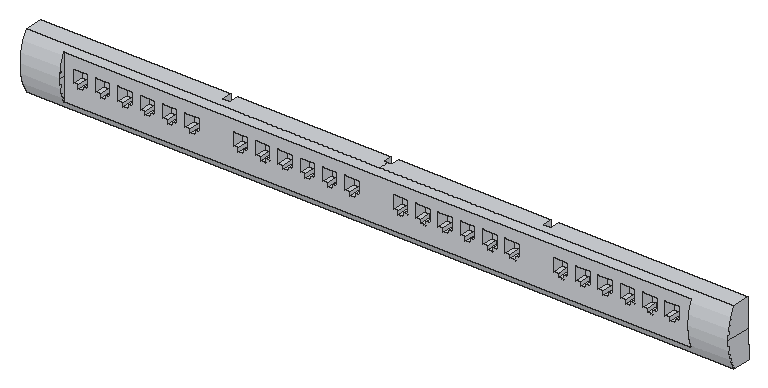
Revit family
Parameters
  Material ID = "760152587"
  Description = "360 1100GS6 Evolve U/UTP 24 Port Patch Panel\r\n360 11 00GS3 24 Port Patch Panel\r\n360 1100GS3 24 PORT PATCH PANEL"
Reference planes (in)
  plane 1 "Center (Front/Back)": y = 0
  plane 2: z = 0
  plane 3 "Center (Left/Right)": x = 0
Forms (in)
  Extrusion 1, solid
    sketch origin (0, 0, 0) x (1, 0, 0) y (0, 0, 1)
      loop
        line (0, 0.75218) -> (-9.5, 0.75218) -> (-9.5, 0.00218) -> (-9.5, -0.75218) -> (0, -0.75218) -> (9.5, -0.75218) -> (9.5, 0) -> (9.5, 0.75218) -> (0, 0.75218)
    from 0 to 2.5
  Extrusion 2, void, not visible
    sketch origin (0, 0, 0) x (1, 0, 0) y (0, 0, 1)
      loop
        line (-7.85662, 0.48089) -> (-7.85662, -0.39002) -> (-7.67285, -0.39002) -> (-7.67285, -0.64002) -> (-7.0736, -0.64002) -> (-7.0736, -0.39002) -> (-6.92978, -0.39002) -> (-6.92978, 0.48089) -> (-7.85662, 0.48089)
    from -3.79215 to 12
  Extrusion 3, void
    sketch origin (0, 0, 0) x (1, 0, 0) y (0, 0, 1)
      loop
        line (-8.19397, 0.28004) -> (-8.19397, -0.07417) -> (-8.06657, -0.07417) -> (-8.06657, -0.16337) -> (-7.91657, -0.16337) -> (-7.91657, -0.07417) -> (-7.80497, -0.07417) -> (-7.80497, 0.28004) -> (-8.19397, 0.28004)
    from 0.25637 to 5.60437
  Extrusion 4, void, not visible
    sketch origin (0, 0, 0) x (1, 0, 0) y (0, 0, 1)
      loop
        line (-8.21397, 0.42583) -> (-8.21397, -0.07417) -> (-8.08657, -0.07417) -> (-8.08657, -0.27417) -> (-7.83657, -0.27417) -> (-7.83657, -0.07417) -> (-7.72497, -0.07417) -> (-7.72497, 0.42583) -> (-8.21397, 0.42583)
    from 0.74059 to 3.34334
  Extrusion 5, void
    sketch origin (0, 0, 0) x (1, 0, 0) y (0, 0, 1)
      loop
        line (4.40826, 1.75) -> (4.20826, 1.75) -> (4.20826, -1.75) -> (4.40826, -1.75) -> (4.40826, 1.75)
    from 0 to 0.25637
  Extrusion 6, void
    sketch origin (-4.29969, 0, 0) x (1, 0, 0) y (0, 0, 1)
      loop
        line (4.40826, 1.75) -> (4.20826, 1.75) -> (4.20826, -1.75) -> (4.40826, -1.75) -> (4.40826, 1.75)
    from 0 to 0.21551
  Extrusion 7, void
    sketch origin (-8.6195, 0, 0) x (1, 0, 0) y (0, 0, 1)
      loop
        line (4.40826, 1.75) -> (4.20826, 1.75) -> (4.20826, -1.75) -> (4.40826, -1.75) -> (4.40826, 1.75)
    from 0 to 0.25637
  Extrusion 8, void
    sketch origin (0, 0, 0) x (0, 1, 0) y (0, 0, 1)
      loop
        line (-0.3725, 0.92313) -> (-2.87402, 0.92313) -> (-2.80422, -1.07565) -> (-0.23373, -1.07565)
        arc (-0.23373, -1.07565) -> (-0.68972, -0.1031) -> (-0.3725, 0.92313) r 1.48862
    from -13.91716 to 12
  Extrusion 9, void
    sketch origin (0.6, 0, 0) x (1, 0, 0) y (0, 0, 1)
      loop
        line (-8.19397, 0.28004) -> (-8.19397, -0.07417) -> (-8.06657, -0.07417) -> (-8.06657, -0.16337) -> (-7.91657, -0.16337) -> (-7.91657, -0.07417) -> (-7.80497, -0.07417) -> (-7.80497, 0.28004) -> (-8.19397, 0.28004)
    from 0.25637 to 5.60437
  Extrusion 10, void
    sketch origin (1.2, 0, 0) x (1, 0, 0) y (0, 0, 1)
      loop
        line (-8.19397, 0.28004) -> (-8.19397, -0.07417) -> (-8.06657, -0.07417) -> (-8.06657, -0.16337) -> (-7.91657, -0.16337) -> (-7.91657, -0.07417) -> (-7.80497, -0.07417) -> (-7.80497, 0.28004) -> (-8.19397, 0.28004)
    from 0.25637 to 5.60437
  Extrusion 11, void
    sketch origin (1.8, 0, 0) x (1, 0, 0) y (0, 0, 1)
      loop
        line (-8.19397, 0.28004) -> (-8.19397, -0.07417) -> (-8.06657, -0.07417) -> (-8.06657, -0.16337) -> (-7.91657, -0.16337) -> (-7.91657, -0.07417) -> (-7.80497, -0.07417) -> (-7.80497, 0.28004) -> (-8.19397, 0.28004)
    from 0.25637 to 5.60437
  Extrusion 12, void
    sketch origin (2.4, 0, 0) x (1, 0, 0) y (0, 0, 1)
      loop
        line (-8.19397, 0.28004) -> (-8.19397, -0.07417) -> (-8.06657, -0.07417) -> (-8.06657, -0.16337) -> (-7.91657, -0.16337) -> (-7.91657, -0.07417) -> (-7.80497, -0.07417) -> (-7.80497, 0.28004) -> (-8.19397, 0.28004)
    from 0.25637 to 5.60437
  Extrusion 13, void
    sketch origin (3, 0, 0) x (1, 0, 0) y (0, 0, 1)
      loop
        line (-8.19397, 0.28004) -> (-8.19397, -0.07417) -> (-8.06657, -0.07417) -> (-8.06657, -0.16337) -> (-7.91657, -0.16337) -> (-7.91657, -0.07417) -> (-7.80497, -0.07417) -> (-7.80497, 0.28004) -> (-8.19397, 0.28004)
    from 0.25637 to 5.60437
  Extrusion 14, void, not visible
    sketch origin (0, 0, 0) x (1, 0, 0) y (0, 0, 1)
      loop
        line (-8.19397, 0.28004) -> (-8.19397, -0.07417) -> (-8.06657, -0.07417) -> (-8.06657, -0.16337) -> (-7.91657, -0.16337) -> (-7.91657, -0.07417) -> (-7.80497, -0.07417) -> (-7.80497, 0.28004) -> (-8.19397, 0.28004)
    from 0.25637 to 5.60437
  Extrusion 15, void
    sketch origin (4.3, 0, 0) x (1, 0, 0) y (0, 0, 1)
      loop
        line (-8.19397, 0.28004) -> (-8.19397, -0.07417) -> (-8.06657, -0.07417) -> (-8.06657, -0.16337) -> (-7.91657, -0.16337) -> (-7.91657, -0.07417) -> (-7.80497, -0.07417) -> (-7.80497, 0.28004) -> (-8.19397, 0.28004)
    from 0.25637 to 5.60437
  Extrusion 16, void
    sketch origin (4.9, 0, 0) x (1, 0, 0) y (0, 0, 1)
      loop
        line (-8.19397, 0.28004) -> (-8.19397, -0.07417) -> (-8.06657, -0.07417) -> (-8.06657, -0.16337) -> (-7.91657, -0.16337) -> (-7.91657, -0.07417) -> (-7.80497, -0.07417) -> (-7.80497, 0.28004) -> (-8.19397, 0.28004)
    from 0.25637 to 5.60437
  Extrusion 17, void
    sketch origin (5.5, 0, 0) x (1, 0, 0) y (0, 0, 1)
      loop
        line (-8.19397, 0.28004) -> (-8.19397, -0.07417) -> (-8.06657, -0.07417) -> (-8.06657, -0.16337) -> (-7.91657, -0.16337) -> (-7.91657, -0.07417) -> (-7.80497, -0.07417) -> (-7.80497, 0.28004) -> (-8.19397, 0.28004)
    from 0.25637 to 5.60437
  Extrusion 18, void
    sketch origin (6.1, 0, 0) x (1, 0, 0) y (0, 0, 1)
      loop
        line (-8.19397, 0.28004) -> (-8.19397, -0.07417) -> (-8.06657, -0.07417) -> (-8.06657, -0.16337) -> (-7.91657, -0.16337) -> (-7.91657, -0.07417) -> (-7.80497, -0.07417) -> (-7.80497, 0.28004) -> (-8.19397, 0.28004)
    from 0.25637 to 5.60437
  Extrusion 19, void
    sketch origin (6.7, 0, 0) x (1, 0, 0) y (0, 0, 1)
      loop
        line (-8.19397, 0.28004) -> (-8.19397, -0.07417) -> (-8.06657, -0.07417) -> (-8.06657, -0.16337) -> (-7.91657, -0.16337) -> (-7.91657, -0.07417) -> (-7.80497, -0.07417) -> (-7.80497, 0.28004) -> (-8.19397, 0.28004)
    from 0.25637 to 5.60437
  Extrusion 20, void
    sketch origin (7.3, 0, 0) x (1, 0, 0) y (0, 0, 1)
      loop
        line (-8.19397, 0.28004) -> (-8.19397, -0.07417) -> (-8.06657, -0.07417) -> (-8.06657, -0.16337) -> (-7.91657, -0.16337) -> (-7.91657, -0.07417) -> (-7.80497, -0.07417) -> (-7.80497, 0.28004) -> (-8.19397, 0.28004)
    from 0.25637 to 5.60437
  Extrusion 21, void
    sketch origin (8.6, 0, 0) x (1, 0, 0) y (0, 0, 1)
      loop
        line (-8.19397, 0.28004) -> (-8.19397, -0.07417) -> (-8.06657, -0.07417) -> (-8.06657, -0.16337) -> (-7.91657, -0.16337) -> (-7.91657, -0.07417) -> (-7.80497, -0.07417) -> (-7.80497, 0.28004) -> (-8.19397, 0.28004)
    from 0.25637 to 5.60437
  Extrusion 22, void
    sketch origin (9.2, 0, 0) x (1, 0, 0) y (0, 0, 1)
      loop
        line (-8.19397, 0.28004) -> (-8.19397, -0.07417) -> (-8.06657, -0.07417) -> (-8.06657, -0.16337) -> (-7.91657, -0.16337) -> (-7.91657, -0.07417) -> (-7.80497, -0.07417) -> (-7.80497, 0.28004) -> (-8.19397, 0.28004)
    from 0.25637 to 5.60437
  Extrusion 23, void
    sketch origin (9.8, 0, 0) x (1, 0, 0) y (0, 0, 1)
      loop
        line (-8.19397, 0.28004) -> (-8.19397, -0.07417) -> (-8.06657, -0.07417) -> (-8.06657, -0.16337) -> (-7.91657, -0.16337) -> (-7.91657, -0.07417) -> (-7.80497, -0.07417) -> (-7.80497, 0.28004) -> (-8.19397, 0.28004)
    from 0.25637 to 5.60437
  Extrusion 24, void
    sketch origin (10.4, 0, 0) x (1, 0, 0) y (0, 0, 1)
      loop
        line (-8.19397, 0.28004) -> (-8.19397, -0.07417) -> (-8.06657, -0.07417) -> (-8.06657, -0.16337) -> (-7.91657, -0.16337) -> (-7.91657, -0.07417) -> (-7.80497, -0.07417) -> (-7.80497, 0.28004) -> (-8.19397, 0.28004)
    from 0.25637 to 5.60437
  Extrusion 25, void
    sketch origin (11, 0, 0) x (1, 0, 0) y (0, 0, 1)
      loop
        line (-8.19397, 0.28004) -> (-8.19397, -0.07417) -> (-8.06657, -0.07417) -> (-8.06657, -0.16337) -> (-7.91657, -0.16337) -> (-7.91657, -0.07417) -> (-7.80497, -0.07417) -> (-7.80497, 0.28004) -> (-8.19397, 0.28004)
    from 0.25637 to 5.60437
  Extrusion 26, void
    sketch origin (11.6, 0, 0) x (1, 0, 0) y (0, 0, 1)
      loop
        line (-8.19397, 0.28004) -> (-8.19397, -0.07417) -> (-8.06657, -0.07417) -> (-8.06657, -0.16337) -> (-7.91657, -0.16337) -> (-7.91657, -0.07417) -> (-7.80497, -0.07417) -> (-7.80497, 0.28004) -> (-8.19397, 0.28004)
    from 0.25637 to 5.60437
  Extrusion 27, void
    sketch origin (12.9, 0, 0) x (1, 0, 0) y (0, 0, 1)
      loop
        line (-8.19397, 0.28004) -> (-8.19397, -0.07417) -> (-8.06657, -0.07417) -> (-8.06657, -0.16337) -> (-7.91657, -0.16337) -> (-7.91657, -0.07417) -> (-7.80497, -0.07417) -> (-7.80497, 0.28004) -> (-8.19397, 0.28004)
    from 0.25637 to 5.60437
  Extrusion 28, void
    sketch origin (13.5, 0, 0) x (1, 0, 0) y (0, 0, 1)
      loop
        line (-8.19397, 0.28004) -> (-8.19397, -0.07417) -> (-8.06657, -0.07417) -> (-8.06657, -0.16337) -> (-7.91657, -0.16337) -> (-7.91657, -0.07417) -> (-7.80497, -0.07417) -> (-7.80497, 0.28004) -> (-8.19397, 0.28004)
    from 0.25637 to 5.60437
  Extrusion 29, void
    sketch origin (14.1, 0, 0) x (1, 0, 0) y (0, 0, 1)
      loop
        line (-8.19397, 0.28004) -> (-8.19397, -0.07417) -> (-8.06657, -0.07417) -> (-8.06657, -0.16337) -> (-7.91657, -0.16337) -> (-7.91657, -0.07417) -> (-7.80497, -0.07417) -> (-7.80497, 0.28004) -> (-8.19397, 0.28004)
    from 0.25637 to 5.60437
  Extrusion 30, void
    sketch origin (14.7, 0, 0) x (1, 0, 0) y (0, 0, 1)
      loop
        line (-8.19397, 0.28004) -> (-8.19397, -0.07417) -> (-8.06657, -0.07417) -> (-8.06657, -0.16337) -> (-7.91657, -0.16337) -> (-7.91657, -0.07417) -> (-7.80497, -0.07417) -> (-7.80497, 0.28004) -> (-8.19397, 0.28004)
    from 0.25637 to 5.60437
  Extrusion 31, void
    sketch origin (15.3, 0, 0) x (1, 0, 0) y (0, 0, 1)
      loop
        line (-8.19397, 0.28004) -> (-8.19397, -0.07417) -> (-8.06657, -0.07417) -> (-8.06657, -0.16337) -> (-7.91657, -0.16337) -> (-7.91657, -0.07417) -> (-7.80497, -0.07417) -> (-7.80497, 0.28004) -> (-8.19397, 0.28004)
    from 0.25637 to 5.60437
  Extrusion 32, void
    sketch origin (15.9, 0, 0) x (1, 0, 0) y (0, 0, 1)
      loop
        line (-8.19397, 0.28004) -> (-8.19397, -0.07417) -> (-8.06657, -0.07417) -> (-8.06657, -0.16337) -> (-7.91657, -0.16337) -> (-7.91657, -0.07417) -> (-7.80497, -0.07417) -> (-7.80497, 0.28004) -> (-8.19397, 0.28004)
    from 0.25637 to 5.60437
  Extrusion 33, void
    sketch origin (0, 0, 0) x (1, 0, 0) y (0, 0, 1)
      loop
        line (0, 0.59628) -> (-8.44, 0.59628) -> (-8.44, 0) -> (-8.44, -0.59628) -> (0, -0.59628) -> (8.44, -0.59628) -> (8.44, 0) -> (8.44, 0.59628) -> (0, 0.59628)
    from 0.54506 to 2.05637
  Extrusion 34, void
    sketch origin (0, 0, 0) x (1, 0, 0) y (0, 0, 1)
      loop
        arc (-9.09564, 0.1) -> (-9.19564, 0) -> (-9.09564, -0.1) r 0.1
        line (-9.09564, -0.1) -> (-8.93998, -0.1)
        arc (-8.93998, -0.1) -> (-8.83998, 0) -> (-8.93998, 0.1) r 0.1
        line (-8.93998, 0.1) -> (-9.09564, 0.1)
    from 0 to 0.32834
  Extrusion 35, void
    sketch origin (0, 0, 0.5) x (1, 0, 0) y (0, 0, 1)
      loop
        arc (-9.09564, 0.1) -> (-9.19564, 0) -> (-9.09564, -0.1) r 0.1
        line (-9.09564, -0.1) -> (-8.93998, -0.1)
        arc (-8.93998, -0.1) -> (-8.83998, 0) -> (-8.93998, 0.1) r 0.1
        line (-8.93998, 0.1) -> (-9.09564, 0.1)
    from 0 to 0.32834
  Extrusion 36, void
    sketch origin (0, 0, -0.5) x (1, 0, 0) y (0, 0, 1)
      loop
        line (-9.09564, -0.1) -> (-8.93998, -0.1)
        arc (-8.93998, -0.1) -> (-8.83998, 0) -> (-8.93998, 0.1) r 0.1
        line (-8.93998, 0.1) -> (-9.09564, 0.1)
        arc (-9.09564, 0.1) -> (-9.19564, 0) -> (-9.09564, -0.1) r 0.1
    from 0 to 0.32834
  Extrusion 37, void
    sketch origin (0, 0, 0) x (-1, 0, 0) y (0, 0, -1)
      loop
        line (-9.09564, -0.1) -> (-8.93998, -0.1)
        arc (-8.93998, -0.1) -> (-8.83998, 0) -> (-8.93998, 0.1) r 0.1
        line (-8.93998, 0.1) -> (-9.09564, 0.1)
        arc (-9.09564, 0.1) -> (-9.19564, 0) -> (-9.09564, -0.1) r 0.1
    from 0 to 0.32834
  Extrusion 38, void
    sketch origin (0, 0, 0.5) x (-1, 0, 0) y (0, 0, -1)
      loop
        line (-9.09564, -0.1) -> (-8.93998, -0.1)
        arc (-8.93998, -0.1) -> (-8.83998, 0) -> (-8.93998, 0.1) r 0.1
        line (-8.93998, 0.1) -> (-9.09564, 0.1)
        arc (-9.09564, 0.1) -> (-9.19564, 0) -> (-9.09564, -0.1) r 0.1
    from 0 to 0.32834
  Extrusion 39, void
    sketch origin (0, 0, -0.5) x (-1, 0, 0) y (0, 0, -1)
      loop
        arc (-9.09564, 0.1) -> (-9.19564, 0) -> (-9.09564, -0.1) r 0.1
        line (-9.09564, -0.1) -> (-8.93998, -0.1)
        arc (-8.93998, -0.1) -> (-8.83998, 0) -> (-8.93998, 0.1) r 0.1
        line (-8.93998, 0.1) -> (-9.09564, 0.1)
    from 0 to 0.32834
Cuts and joins
  Extrusion 3, Extrusion 5, Extrusion 6, Extrusion 7, Extrusion 8, Extrusion 9, Extrusion 10, Extrusion 11, Extrusion 12, Extrusion 13, Extrusion 15, Extrusion 16, Extrusion 17, Extrusion 18, Extrusion 19, Extrusion 20, Extrusion 21, Extrusion 22, Extrusion 23, Extrusion 24, Extrusion 25, Extrusion 26, Extrusion 27, Extrusion 28, Extrusion 29, Extrusion 30, Extrusion 31, Extrusion 32, Extrusion 33, Extrusion 34, Extrusion 35, Extrusion 36, Extrusion 37, Extrusion 38, Extrusion 39 cuts Extrusion 1
Dimensions and locks (in)
  equal spacing: group 3, group 4, group 5, group 6, group 7, group 8  (x3)
  equal spacing: group 11, group 12, group 13, group 14, group 15, group 16  (x3)
  equal spacing: group 9, group 17, group 24, group 31  (x3)
  equal spacing: group 18, group 19, group 20, group 21, group 22, group 23  (x3)
  equal spacing: group 25, group 26, group 27, group 28, group 29, group 30  (x3)
  aligned: level to Extrusion 1 sketch curve
  aligned and locked: plane 3 "Center (Left/Right)" to Extrusion 1 sketch curve
  aligned: plane 3 "Center (Left/Right)" to Extrusion 33 sketch curve
